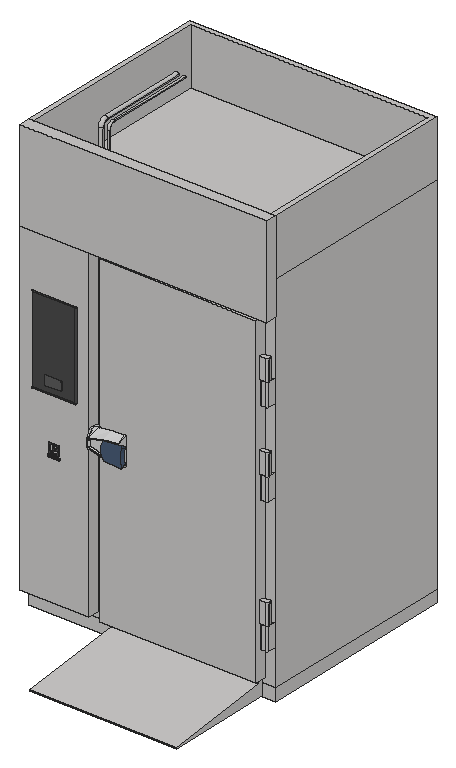
Revit family "QF_ELECTROLUXPROFESSIONAL_727747_EBFA22RFE", category Specialty Equipment, Revit 2018
Family settings
  Round Connector Dimension = Use Diameter
  Part Type = Normal
  Work Plane-Based = No
  Always vertical = Yes
  Cut with Voids When Loaded = No
  Shared = Yes
  Room Calculation Point = No
Parameters
  Weight = 0.00 kg
  Watts = 0 W
  Volts = 380 V
  URL Manufacturer = "http://professional.electrolux.com"
  URL = "http://professional.electrolux.com"
  Steam Supply Size = 0"
  Steam Supply Minimum Pressure = 0.00 psi
  Steam Supply Maximum Pressure = 0.00 psi
  Steam Pounds per Hour = 0
  Show Logo [instance] = yes
  Refrigeration Suction Line Size = 0"
  Refrigeration Liquid Line Size = 0"
  Refrigerant Compressor Remote = yes
  Phase = 3
  Model = "EBFA22RFE"
  Manufacturer = "Electrolux"
  Length Actual = 1400 mm  # constant formula
  Item Number = "727747"
  Hot Water Size = 0"
  Height Actual = 2340 mm  # constant formula
  HP = "8.6 HP"
  Gas Size = 0"
  Gas KW = 0
  Gas Input Pressure = 0.0 Btu/h
  Direct Waste Size = 3/4"
  Description = "SKYLINE CHILLS BLAST CHILLER FREEZER 200/170KG 20 GN 2/1 - ROLL-IN - INSULATED FLOOR - RAMP - REMOTE REFIGERATING UNIT"
  Depth Actual = 1266 mm  # constant formula
  Cycle = 60 Hz
  Condensate Return Size = 0"
  Compressed Air Volume = 0 GPM
  Compressed Air Size = 0"
  Compressed Air Pressure = 0.00 psi
  Cold Water Size = 0"
  Assembly Code = ""
  Show Clearance [instance] = yes
  Accessory = yes
Reference planes
  plane 1 "BACK": y = 1
  plane 2: z = 0
  plane 3 "LEFT": x = 0
  plane 4 "RIGHT": x = 1400
  plane 5 "FRONT": y = -1205
  plane 6 "TOP": z = 2470
  plane 7 "Center Y": x = 700
  plane 8 "Center X": y = -602
  plane 9: y = -2155
Forms (mm)
  Extrusion 1, solid, material "QF_Clearance", visible <- "Show Clearance", detail levels coarse
    sketch origin (0, 0, 0) x (1, 0, 0) y (0, 1, 0)
      loop
        line (0, -1205) -> (0, 1) -> (1400, 1) -> (1400, -1205) -> (1500, -1205) -> (1500, 101) -> (-100, 101) -> (-100, -1205) -> (0, -1205)
    from 0 to 2670
  Extrusion 2, solid, material "QF_Finishes_Stainless Steel"
    sketch origin (349.253, 33, 700.991) x (-1, 0, 0) y (0, -1, 0)
      loop
        line (349.253, 1172.759) -> (349.253, 1238) -> (-39.747, 1238) -> (-39.747, 1172.759) -> (349.253, 1172.759)
    from -597 to 1254
  Extrusion 3, solid, material "QF_Finishes_Stainless Steel"
    sketch origin (596.16, 27.971, 0) x (1, 0, 0) y (0, 1, 0)
      loop
        line (743.84, -1172.971) -> (-141.16, -1172.971) -> (-141.16, -1232.971) -> (743.84, -1232.971) -> (743.84, -1172.971)
    from 103.991 to 1945.25
  Extrusion 4, solid, material "QF_Door-Drawer Clearances", visible <- "Show Clearance", detail levels coarse
    sketch origin (875, -72.029, -21.802) x (-1, 0, 0) y (0, -1, 0)
      loop
        line (-465, 2025.971) -> (-465, 1132.971) -> (420, 1132.971)
        arc (420, 1132.971) -> (153.836, 1754.227) -> (-465, 2025.971) r 920
    from 125.793 to 1967.052
  Extrusion 5, solid, material "QF_Finishes_Stainless Steel"
    sketch origin (0, 0, 0) x (0, 1, 0) y (0, 0, 1)
      loop
        line (-1158.451, 70.453) -> (-1741.451, 1.966) -> (-1741.451, 0) -> (-1158.451, 0) -> (-1158.451, 70.453)
    from 485 to 1320
  Extrusion 6, solid, material "QF_Finishes_Stainless Steel"
    sketch origin (0, 0, 0) x (0, 1, 0) y (0, 0, 1)
      loop
        line (-1139, 70) -> (-1139, 0) -> (1, 0) -> (1, 70) -> (-1139, 70)
    from 0 to 1400
  Extrusion 7, solid, material "QF_Finishes_Stainless Steel"
    sketch origin (0, -1139.759, 70) x (0, 1, 0) y (-1, 0, 0)
      loop
        line (1140.759, 0) -> (0.759, 0) -> (0.759, -1400) -> (1140.759, -1400) -> (1140.759, 0)
    from 0 to 2080
  Extrusion 8, solid, material "QF_Finishes_Stainless Steel"
    sketch origin (0, 0, 0) x (0, 1, 0) y (0, 0, 1)
      loop
        line (-1139, 2470) -> (-1205, 2470) -> (-1205, 1956) -> (-1139, 1956) -> (-1139, 2470)
    from 0 to 1400
  Extrusion 9, solid, material "QF_Finishes_Stainless Steel"
    sketch origin (0, -1139.759, 2150) x (0, 1, 0) y (-1, 0, 0)
      loop
        line (1140.759, 0) -> (0.759, 0) -> (0.759, -27.807) -> (1112.952, -27.807) -> (1112.952, -1372.193) -> (0.759, -1372.193) -> (0.759, -1400) -> (1140.759, -1400) -> (1140.759, 0)
    from 0 to 320
  Extrusion 10, solid, material "QF_Finishes_Stainless Steel"
    sketch origin (0, 0, 0) x (0, 1, 0) y (0, 0, 1)
      loop
        line (-1139, 92) -> (-1158.451, 92) -> (-1158.451, 0) -> (-1139, 0) -> (-1139, 92)
    from 485 to 1320
  Extrusion 11, solid, material "QF_Clearance", visible <- "Show Clearance", detail levels coarse
    sketch origin (0, 0, 2470) x (-1, 0, 0) y (0, -1, 0)
      loop
        line (0, 1205) -> (-1400, 1205) -> (-1400, -1) -> (0, -1) -> (0, 1205)
    from 0 to 200
  Extrusion 12, solid, material "QF_Finishes_Stainless Steel"
    sketch origin (-390.239, -0.977, 1242.559) x (1, 0, 0) y (0, 1, 0)
      loop
        line (1730.239, -1159.557) -> (1730.239, -1186.759) -> (1771.078, -1186.759)
        arc (1771.078, -1186.759) -> (1778.149, -1183.83) -> (1781.078, -1176.759) r 10
        line (1781.078, -1176.759) -> (1781.078, -1169.557)
        arc (1781.078, -1169.557) -> (1778.149, -1162.486) -> (1771.078, -1159.557) r 10
        line (1771.078, -1159.557) -> (1730.239, -1159.557)
    from 398 to 516
  Extrusion 13, solid, material "QF_Finishes_Stainless Steel"
    sketch origin (-388.989, -0.977, 1242.559) x (1, 0, 0) y (0, 1, 0)
      loop
        line (1779.828, -1138.023) -> (1738.215, -1138.023) -> (1738.215, -1176.759)
        arc (1738.215, -1176.759) -> (1741.143, -1183.83) -> (1748.215, -1186.759) r 10
        line (1748.215, -1186.759) -> (1769.828, -1186.759)
        arc (1769.828, -1186.759) -> (1776.899, -1183.83) -> (1779.828, -1176.759) r 10
        line (1779.828, -1176.759) -> (1779.828, -1138.023)
    from 269 to 396
  Extrusion 14, solid, material "QF_Finishes_Handrails and Railings"
    sketch origin (0, -1205, -69.705) x (-1, 0, 0) y (0, 0, 1)
      loop
        arc (-455, 1022.346) -> (-433.392, 1027.289) -> (-413, 1035.976) r 124.815
        arc (-413, 1035.976) -> (-402.037, 1046.425) -> (-398, 1061.023) r 28.412
        line (-398, 1061.023) -> (-398, 1124.287)
        arc (-398, 1124.287) -> (-402.037, 1138.885) -> (-413, 1149.334) r 28.412
        arc (-413, 1149.334) -> (-433.392, 1158.021) -> (-455, 1162.964) r 124.815
        line (-455, 1162.964) -> (-455, 1022.346)
    from 0 to 25
  Extrusion 15, solid, material "QF_Finishes_Stainless Steel"
    sketch origin (0, 1, 0) x (1, 0, 0) y (0, 0, 1)
      loop
        circle (50.191, 2279.706) r 10
    from -2 to 0
  Extrusion 16, solid
    sketch origin (0, 0, 0) x (1, 0, 0) y (0, 1, 0)
      loop
        circle (271, -895) r 12.7
    from 180 to 190
  Sweep 17, solid, material "QF_Finishes_Stainless Steel"
    path in 3D
      loop
        line (196, -872.727, 2160) -> (196, -872.727, 2384.785)
        arc (196, -872.727, 2384.785) -> (196, -863.94, 2405.999) -> (196, -842.727, 2414.785) r 30
        line (196, -842.727, 2414.785) -> (196, -337, 2414.785)
    profile origin (196, -589.864, 2414.785) x (-1, 0, 0) y (0, 0, 1)
      loop
        circle (0, -0.785) r 11
  Sweep 18, solid, material "QF_Finishes_Stainless Steel"
    path in 3D
      loop
        line (239, -337, 2414) -> (239, -842.727, 2414)
        arc (239, -842.727, 2414) -> (239, -863.94, 2405.213) -> (239, -872.727, 2384) r 30
        line (239, -872.727, 2384) -> (239, -872.727, 2160)
    profile origin (239, -589.864, 2414) x (1, 0, 0) y (0, 0, 1)
      loop
        circle (0, 0) r 6
  Extrusion 19, solid, material "QF_Finishes_Stainless Steel"
    sketch origin (0, -1139.759, 2150) x (0, 1, 0) y (-1, 0, 0)
      loop
        line (272.791, -163.68) -> (262.791, -163.68)
        arc (262.791, -163.68) -> (252.185, -168.074) -> (247.791, -178.68) r 15
        line (247.791, -178.68) -> (247.791, -270.358)
        arc (247.791, -270.358) -> (252.185, -280.965) -> (262.791, -285.358) r 15
        line (262.791, -285.358) -> (272.791, -285.358)
        arc (272.791, -285.358) -> (283.398, -280.965) -> (287.791, -270.358) r 15
        line (287.791, -270.358) -> (287.791, -178.68)
        arc (287.791, -178.68) -> (283.398, -168.074) -> (272.791, -163.68) r 15
    from 0 to 10
  Blend 20, solid, material "QF_Finishes_Handrails and Railings"
    base sketch origin (0, -1205, -69.705) x (1, 0, 0) y (0, 0, 1)
      loop
        arc (455, 1162.964) -> (433.392, 1158.021) -> (413, 1149.334) r 124.815
        arc (413, 1149.334) -> (402.037, 1138.885) -> (398, 1124.287) r 28.412
        line (398, 1124.287) -> (398, 1061.023)
        arc (398, 1061.023) -> (402.037, 1046.425) -> (413, 1035.976) r 28.412
        arc (413, 1035.976) -> (433.392, 1027.289) -> (455, 1022.346) r 124.815
        arc (455, 1022.346) -> (524.77, 1014.896) -> (594.859, 1011.587) r 1185.63
        arc (594.859, 1011.587) -> (600.607, 1013.879) -> (603, 1019.586) r 8
        line (603, 1019.586) -> (603, 1165.724)
        arc (603, 1165.724) -> (600.607, 1171.431) -> (594.859, 1173.723) r 8
        arc (594.859, 1173.723) -> (524.77, 1170.414) -> (455, 1162.964) r 1185.63
    top sketch origin (0, -1205, -69.705) x (1, 0, 0) y (0, 0, 1)
      loop
        line (421, 1108.337) -> (421, 1076.973)
        arc (421, 1076.973) -> (423.295, 1069.915) -> (429.302, 1065.557) r 12
        arc (429.302, 1065.557) -> (515.086, 1044.22) -> (603, 1034.974) r 636.459
        line (603, 1034.974) -> (603, 1150.336)
        arc (603, 1150.336) -> (515.086, 1141.09) -> (429.302, 1119.753) r 636.459
        arc (429.302, 1119.753) -> (423.295, 1115.395) -> (421, 1108.337) r 12
    from 0 to 50
  Blend 21, void
    base sketch origin (0, -1255, -69.705) x (-1, 0, 0) y (0, 0, 1)
      loop
        arc (-430.843, 1114.996) -> (-515.866, 1136.151) -> (-603, 1145.333) r 631.459
        line (-603, 1145.333) -> (-603, 1039.977)
        arc (-603, 1039.977) -> (-515.866, 1049.159) -> (-430.843, 1070.314) r 631.459
        arc (-430.843, 1070.314) -> (-427.339, 1072.856) -> (-426, 1076.973) r 7
        line (-426, 1076.973) -> (-426, 1108.337)
        arc (-426, 1108.337) -> (-427.339, 1112.454) -> (-430.843, 1114.996) r 7
    top sketch origin (0, -1255, -69.705) x (-1, 0, 0) y (0, 0, 1)
      loop
        arc (-432.384, 1110.24) -> (-516.647, 1131.211) -> (-603, 1140.33) r 626.459
        line (-603, 1140.33) -> (-603, 1044.98)
        arc (-603, 1044.98) -> (-516.647, 1054.099) -> (-432.384, 1075.07) r 626.459
        arc (-432.384, 1075.07) -> (-431.382, 1075.797) -> (-431, 1076.973) r 2
        line (-431, 1076.973) -> (-431, 1108.337)
        arc (-431, 1108.337) -> (-431.382, 1109.513) -> (-432.384, 1110.24) r 2
    from 0 to 10
  Blend 22, solid, material "QF_Finishes_Electrolux_Blue"
    base sketch origin (0, -1245, -69.705) x (1, 0, 0) y (0, 0, 1)
      loop
        arc (628.567, 1043.419) -> (622.014, 1092.655) -> (628.567, 1141.89) r 188.232
        arc (628.567, 1141.89) -> (627.358, 1147.991) -> (621.77, 1150.721) r 7
        arc (621.77, 1150.721) -> (572.304, 1148.509) -> (523.16, 1142.458) r 636.459
        arc (523.16, 1142.458) -> (507.711, 1092.655) -> (523.16, 1042.852) r 88
        arc (523.16, 1042.852) -> (572.304, 1036.801) -> (621.77, 1034.589) r 636.459
        arc (621.77, 1034.589) -> (627.358, 1037.319) -> (628.567, 1043.419) r 7
    top sketch origin (0, -1245, -69.705) x (1, 0, 0) y (0, 0, 1)
      loop
        arc (626.748, 1050.703) -> (622.014, 1092.655) -> (626.748, 1134.607) r 188.232
        arc (626.748, 1134.607) -> (625.775, 1138.85) -> (621.845, 1140.722) r 5
        arc (621.845, 1140.722) -> (569.023, 1138.185) -> (516.603, 1131.203) r 626.459
        arc (516.603, 1131.203) -> (507.711, 1092.655) -> (516.603, 1054.107) r 88
        arc (516.603, 1054.107) -> (569.023, 1047.124) -> (621.845, 1044.588) r 626.459
        arc (621.845, 1044.588) -> (625.775, 1046.46) -> (626.748, 1050.703) r 5
    from 20 to 0
  Extrusion 23, solid, material "QF_Finishes_Stainless Steel"
    sketch origin (-390.239, -0.977, 762.559) x (1, 0, 0) y (0, 1, 0)
      loop
        line (1730.239, -1159.557) -> (1730.239, -1186.759) -> (1771.078, -1186.759)
        arc (1771.078, -1186.759) -> (1778.149, -1183.83) -> (1781.078, -1176.759) r 10
        line (1781.078, -1176.759) -> (1781.078, -1169.557)
        arc (1781.078, -1169.557) -> (1778.149, -1162.486) -> (1771.078, -1159.557) r 10
        line (1771.078, -1159.557) -> (1730.239, -1159.557)
    from 398 to 516
  Extrusion 24, solid, material "QF_Finishes_Stainless Steel"
    sketch origin (-388.989, -0.977, 762.559) x (1, 0, 0) y (0, 1, 0)
      loop
        line (1779.828, -1138.023) -> (1738.215, -1138.023) -> (1738.215, -1176.759)
        arc (1738.215, -1176.759) -> (1741.143, -1183.83) -> (1748.215, -1186.759) r 10
        line (1748.215, -1186.759) -> (1769.828, -1186.759)
        arc (1769.828, -1186.759) -> (1776.899, -1183.83) -> (1779.828, -1176.759) r 10
        line (1779.828, -1176.759) -> (1779.828, -1138.023)
    from 269 to 396
  Extrusion 25, solid, material "QF_Finishes_Stainless Steel"
    sketch origin (-390.239, -0.977, 2.559) x (1, 0, 0) y (0, 1, 0)
      loop
        line (1730.239, -1159.557) -> (1730.239, -1186.759) -> (1771.078, -1186.759)
        arc (1771.078, -1186.759) -> (1778.149, -1183.83) -> (1781.078, -1176.759) r 10
        line (1781.078, -1176.759) -> (1781.078, -1169.557)
        arc (1781.078, -1169.557) -> (1778.149, -1162.486) -> (1771.078, -1159.557) r 10
        line (1771.078, -1159.557) -> (1730.239, -1159.557)
    from 398 to 516
  Extrusion 26, solid, material "QF_Finishes_Stainless Steel"
    sketch origin (-388.989, -0.977, 2.559) x (1, 0, 0) y (0, 1, 0)
      loop
        line (1779.828, -1138.023) -> (1738.215, -1138.023) -> (1738.215, -1176.759)
        arc (1738.215, -1176.759) -> (1741.143, -1183.83) -> (1748.215, -1186.759) r 10
        line (1748.215, -1186.759) -> (1769.828, -1186.759)
        arc (1769.828, -1186.759) -> (1776.899, -1183.83) -> (1779.828, -1176.759) r 10
        line (1779.828, -1176.759) -> (1779.828, -1138.023)
    from 269 to 396
  Extrusion 27, solid, material "QF_Door-Drawer Clearances", visible <- "Show Clearance", detail levels coarse
    sketch origin (167.029, -1956.84, 0) x (0, 1, 0) y (-1, 0, 0)
      loop
        line (751.84, -1172.971) -> (-141.16, -1172.971) -> (-141.16, -1232.971) -> (751.84, -1232.971) -> (751.84, -1172.971)
    from 103.991 to 1945.25
  Extrusion 28, solid, material "QF_Door-Drawer Clearances", visible <- "Show Clearance", detail levels coarse
    sketch origin (1400, -2553, -69.705) x (0, -1, 0) y (0, 0, 1)
      loop
        arc (-455, 1022.346) -> (-433.392, 1027.289) -> (-413, 1035.976) r 124.815
        arc (-413, 1035.976) -> (-402.037, 1046.425) -> (-398, 1061.023) r 28.412
        line (-398, 1061.023) -> (-398, 1124.287)
        arc (-398, 1124.287) -> (-402.037, 1138.885) -> (-413, 1149.334) r 28.412
        arc (-413, 1149.334) -> (-433.392, 1158.021) -> (-455, 1162.964) r 124.815
        line (-455, 1162.964) -> (-455, 1022.346)
    from 0 to 25
  Blend 29, solid, material "QF_Door-Drawer Clearances", visible <- "Show Clearance", detail levels coarse
    base sketch origin (1400, -2553, -69.705) x (0, 1, 0) y (0, 0, 1)
      loop
        arc (455, 1162.964) -> (433.392, 1158.021) -> (413, 1149.334) r 124.815
        arc (413, 1149.334) -> (402.037, 1138.885) -> (398, 1124.287) r 28.412
        line (398, 1124.287) -> (398, 1061.023)
        arc (398, 1061.023) -> (402.037, 1046.425) -> (413, 1035.976) r 28.412
        arc (413, 1035.976) -> (433.392, 1027.289) -> (455, 1022.346) r 124.815
        arc (455, 1022.346) -> (524.77, 1014.896) -> (594.859, 1011.587) r 1185.63
        arc (594.859, 1011.587) -> (600.607, 1013.879) -> (603, 1019.586) r 8
        line (603, 1019.586) -> (603, 1165.724)
        arc (603, 1165.724) -> (600.607, 1171.431) -> (594.859, 1173.723) r 8
        arc (594.859, 1173.723) -> (524.77, 1170.414) -> (455, 1162.964) r 1185.63
    top sketch origin (1400, -2553, -69.705) x (0, 1, 0) y (0, 0, 1)
      loop
        line (421, 1108.337) -> (421, 1076.973)
        arc (421, 1076.973) -> (423.295, 1069.915) -> (429.302, 1065.557) r 12
        arc (429.302, 1065.557) -> (515.086, 1044.22) -> (603, 1034.974) r 636.459
        line (603, 1034.974) -> (603, 1150.336)
        arc (603, 1150.336) -> (515.086, 1141.09) -> (429.302, 1119.753) r 636.459
        arc (429.302, 1119.753) -> (423.295, 1115.395) -> (421, 1108.337) r 12
    from 0 to 50
  Blend 30, void
    base sketch origin (1450, -2553, -69.705) x (0, -1, 0) y (0, 0, 1)
      loop
        arc (-430.843, 1114.996) -> (-515.866, 1136.151) -> (-603, 1145.333) r 631.459
        line (-603, 1145.333) -> (-603, 1039.977)
        arc (-603, 1039.977) -> (-515.866, 1049.159) -> (-430.843, 1070.314) r 631.459
        arc (-430.843, 1070.314) -> (-427.339, 1072.856) -> (-426, 1076.973) r 7
        line (-426, 1076.973) -> (-426, 1108.337)
        arc (-426, 1108.337) -> (-427.339, 1112.454) -> (-430.843, 1114.996) r 7
    top sketch origin (1450, -2553, -69.705) x (0, -1, 0) y (0, 0, 1)
      loop
        arc (-432.384, 1110.24) -> (-516.647, 1131.211) -> (-603, 1140.33) r 626.459
        line (-603, 1140.33) -> (-603, 1044.98)
        arc (-603, 1044.98) -> (-516.647, 1054.099) -> (-432.384, 1075.07) r 626.459
        arc (-432.384, 1075.07) -> (-431.382, 1075.797) -> (-431, 1076.973) r 2
        line (-431, 1076.973) -> (-431, 1108.337)
        arc (-431, 1108.337) -> (-431.382, 1109.513) -> (-432.384, 1110.24) r 2
    from 0 to 10
  Blend 31, solid, material "QF_Door-Drawer Clearances", visible <- "Show Clearance", detail levels coarse
    base sketch origin (1440, -2553, -69.705) x (0, 1, 0) y (0, 0, 1)
      loop
        arc (628.567, 1043.419) -> (622.014, 1092.655) -> (628.567, 1141.89) r 188.232
        arc (628.567, 1141.89) -> (627.358, 1147.991) -> (621.77, 1150.721) r 7
        arc (621.77, 1150.721) -> (572.304, 1148.509) -> (523.16, 1142.458) r 636.459
        arc (523.16, 1142.458) -> (507.711, 1092.655) -> (523.16, 1042.852) r 88
        arc (523.16, 1042.852) -> (572.304, 1036.801) -> (621.77, 1034.589) r 636.459
        arc (621.77, 1034.589) -> (627.358, 1037.319) -> (628.567, 1043.419) r 7
    top sketch origin (1440, -2553, -69.705) x (0, 1, 0) y (0, 0, 1)
      loop
        arc (626.748, 1050.703) -> (622.014, 1092.655) -> (626.748, 1134.607) r 188.232
        arc (626.748, 1134.607) -> (625.775, 1138.85) -> (621.845, 1140.722) r 5
        arc (621.845, 1140.722) -> (569.023, 1138.185) -> (516.603, 1131.203) r 626.459
        arc (516.603, 1131.203) -> (507.711, 1092.655) -> (516.603, 1054.107) r 88
        arc (516.603, 1054.107) -> (569.023, 1047.124) -> (621.845, 1044.588) r 626.459
        arc (621.845, 1044.588) -> (625.775, 1046.46) -> (626.748, 1050.703) r 5
    from 20 to -1
Cuts and joins
  joined: Extrusion 1, Extrusion 11
  joined: Extrusion 5, Extrusion 10
  Blend 21 cuts Extrusion 3
  joined: Extrusion 3, Extrusion 12, Extrusion 23, Extrusion 25
  Blend 21 cuts Extrusion 7
  joined: Extrusion 7, Extrusion 13, Sweep 17, Sweep 18, Extrusion 19, Extrusion 24, Extrusion 26
  Blend 21, Blend 30 cuts Extrusion 14
  Blend 21, Blend 30 cuts Blend 20
  joined: Extrusion 14, Blend 20
  Blend 30 cuts Extrusion 4
  Blend 30 cuts Blend 29
  joined: Extrusion 4, Extrusion 27, Extrusion 28, Blend 29, Blend 31
  joined: Extrusion 9, Extrusion 15
Lines and regions (mm)
  symbolic lines, style "QF-Clearances", visible <- "Show Clearance", detail levels coarse
    curve 1: line (-100, -1204.241, 70) -> (-100, 101, 70)
    curve 2: line (-100, 101, 70) -> (1500, 101, 70)
    curve 3: line (1500, 101, 70) -> (1500, -1204.241, 70)
  symbolic lines
    curve 4: line (1320, -1205, 70) -> (1320, -1741.451, 70)
    curve 5: line (1320, -1741.451, 70) -> (485, -1741.451, 70)
    curve 6: line (485, -1741.451, 70) -> (485, -1255, 70)
    curve 13: line (185, -336.968, 70) -> (207, -336.968, 70)
    curve 14: line (207, -336.968, 70) -> (207, -871.942, 70)
    curve 15: line (233, -872.727, 70) -> (233, -337, 70)
    curve 16: line (233, -337, 70) -> (245, -337, 70)
    curve 17: line (245, -337, 70) -> (245, -872.727, 70)
    curve 18: line (245, -851.968, 70) -> (270.358, -851.968, 70)
    curve 19: arc (285.358, -866.968, 70) -> (280.965, -856.361, 70) -> (270.358, -851.968, 70) r 15
    curve 20: line (285.358, -876.968, 70) -> (285.358, -866.968, 70)
    curve 21: arc (270.358, -891.968, 70) -> (280.965, -887.575, 70) -> (285.358, -876.968, 70) r 15
    curve 22: line (178.68, -891.968, 70) -> (270.358, -891.968, 70)
    curve 23: arc (163.68, -876.968, 70) -> (168.074, -887.575, 70) -> (178.68, -891.968, 70) r 15
    curve 24: line (163.68, -866.968, 70) -> (163.68, -876.968, 70)
    curve 25: arc (178.68, -851.968, 70) -> (168.074, -856.361, 70) -> (163.68, -866.968, 70) r 15
    curve 26: arc (207, -871.942, 70) -> (196, -882.942, 70) -> (185, -871.942, 70) r 11
    curve 27: arc (233, -872.727, 70) -> (239, -878.727, 70) -> (245, -872.727, 70) r 6
    curve 28: line (178.68, -851.968, 70) -> (185, -851.968, 70)
    curve 29: line (185, -336.968, 70) -> (185, -871.942, 70)
    curve 30: line (207, -851.968, 70) -> (233, -851.968, 70)
    curve 31: line (0, 1, 70) -> (1400, 1, 70)
    curve 32: line (0, -1205, 70) -> (0, 1, 70)
    curve 33: line (1400, -1205, 70) -> (0, -1205, 70)
    curve 34: line (1400, 1, 70) -> (1400, -1205, 70)
    curve 35: line (27.807, -26.807, 70) -> (1372.193, -26.807, 70)
    curve 36: line (27.807, -1139, 70) -> (27.807, -26.807, 70)
    curve 37: line (1400, -1139, 70) -> (0, -1139, 70)
    curve 38: line (1372.193, -26.807, 70) -> (1372.193, -1139, 70)
    curve 39: line (75.5, -1210, 70) -> (313.5, -1210, 70)
    curve 40: line (75.5, -1210, 70) -> (67.5, -1205, 70)
    curve 41: line (313.5, -1210, 70) -> (321.5, -1205, 70)
    curve 42: line (421, -1255, 70) -> (398, -1205, 70)
    curve 43: line (421, -1255, 70) -> (603, -1255, 70)
    curve 44: line (603, -1255, 70) -> (603, -1205, 70)
    curve 45: line (603, -1245, 70) -> (626.748, -1245, 70)
    curve 46: line (626.748, -1245, 70) -> (628.811, -1265, 70)
    curve 47: line (628.811, -1265, 70) -> (507.711, -1265, 70)
    curve 48: line (507.711, -1265, 70) -> (507.711, -1255, 70)
  sketch lines
    curve 7: line (196, -842.727, 2414.785) -> (196, -337, 2414.785)
    curve 8: arc (196, -872.727, 2384.785) -> (196, -863.94, 2405.999) -> (196, -842.727, 2414.785) r 30
    curve 9: line (196, -872.727, 2160) -> (196, -872.727, 2384.785)
    curve 10: line (239, -337, 2414) -> (239, -842.727, 2414)
    curve 11: arc (239, -842.727, 2414) -> (239, -863.94, 2405.213) -> (239, -872.727, 2384) r 30
    curve 12: line (239, -872.727, 2384) -> (239, -872.727, 2160)
  symbolic lines, style "QF_Door-Drawer Clearances", visible <- "Show Clearance"
    curve 49: line (1450, -2132, 70) -> (1400, -2155, 70)
    curve 50: line (1450, -2132, 70) -> (1450, -1950, 70)
    curve 51: line (1450, -1950, 70) -> (1400, -1950, 70)
    curve 52: line (1439, -1950, 70) -> (1439, -1926.126, 70)
    curve 53: line (1439, -1926.126, 70) -> (1460, -1924.189, 70)
    curve 54: line (1460, -1924.189, 70) -> (1460, -2045.289, 70)
    curve 55: line (1460, -2045.289, 70) -> (1450, -2045.289, 70)
    curve 56: line (1375, -2098, 70) -> (1375, -2155, 70)
    curve 57: line (1340, -2098, 70) -> (1400, -2098, 70)
    curve 58: arc (457.796, -1255, 70) -> (739.031, -1843.801, 70) -> (1340, -2098, 70) r 920
    curve 59: line (1400, -2155, 70) -> (1375, -2155, 70)
    curve 60: line (1400, -2098, 70) -> (1400, -1205, 70)
    curve 61: line (1340, -2098, 70) -> (1340, -1205, 70)
Dimensions and locks
  plane 5 "FRONT" to plane 1 "BACK" = 1206 mm
  plane 6 "TOP" to level = 2470 mm
  plane 4 "RIGHT" to plane 3 "LEFT" = 1400 mm
  plane 3 "LEFT" to plane 4 "RIGHT" = 1400 mm
  equal spacing: plane 3 "LEFT", plane 7 "Center Y", plane 4 "RIGHT"
  equal spacing: plane 1 "BACK", plane 8 "Center X", plane 5 "FRONT"
  Extrusion 5 sketch curve to Extrusion 5 sketch curve = 583 mm
  Extrusion 4 sketch curve to plane 1 "BACK" = 2099 mm
  Extrusion 16 sketch curve to plane 1 "BACK" = 896 mm
  plane 3 "LEFT" to Extrusion 16 sketch curve = 271 mm
  angle Extrusion 5 sketch curve to Extrusion 5 sketch curve = 6.70°
  aligned and locked: level to plane 2
Automatic sketch dimensions
  plane 5 "FRONT" to Extrusion 1 sketch curve = 0 mm  (x2)
  Extrusion 1 sketch curve to plane 3 "LEFT" = 0 mm
  plane 1 "BACK" to Extrusion 1 sketch curve = 0 mm
  Extrusion 1 sketch curve to plane 4 "RIGHT" = 0 mm
  Extrusion 1 sketch curve to plane 3 "LEFT" = 100 mm
  plane 4 "RIGHT" to Extrusion 1 sketch curve = 100 mm
  Extrusion 1 sketch curve to plane 1 "BACK" = 100 mm
  plane 5 "FRONT" to Extrusion 2 sketch curve = 0 mm
  Extrusion 2 sketch curve to plane 3 "LEFT" = 0 mm
  Extrusion 2 sketch curve to plane 5 "FRONT" = 65.241 mm
  plane 5 "FRONT" to Extrusion 3 sketch curve = 0 mm
  Extrusion 3 sketch curve to plane 5 "FRONT" = 60 mm
  Extrusion 3 sketch curve to plane 4 "RIGHT" = 60 mm
  Extrusion 5 sketch curve to level = 0 mm
  level to Extrusion 5 sketch curve = 1.966 mm
  Extrusion 5 sketch curve to plane 9 = 413.549 mm
  Extrusion 6 sketch curve to level = 0 mm
  Extrusion 6 sketch curve to plane 1 "BACK" = 0 mm
  Extrusion 6 sketch curve to plane 5 "FRONT" = 66 mm
  Extrusion 6 sketch curve to Extrusion 6 sketch curve = 70 mm
  Extrusion 7 sketch curve to Extrusion 6 = 0 mm  (x3)
  Extrusion 6 to Extrusion 7 sketch curve = 0 mm
  Extrusion 8 sketch curve to plane 5 "FRONT" = 0 mm
  Extrusion 8 sketch curve to plane 6 "TOP" = 0 mm
  Extrusion 8 sketch curve to plane 5 "FRONT" = 66 mm
  Extrusion 8 sketch curve to Extrusion 8 sketch curve = 514 mm
  Extrusion 7 to Extrusion 9 sketch curve = 0 mm
  Extrusion 9 sketch curve to Extrusion 7 = 0 mm  (x4)
  Extrusion 9 sketch curve to Extrusion 7 = 27.807 mm  (x3)
  Extrusion 10 sketch curve to level = 0 mm
  Extrusion 10 sketch curve to plane 5 "FRONT" = 46.549 mm
  Extrusion 10 sketch curve to Extrusion 10 sketch curve = 19.451 mm
  Extrusion 10 sketch curve to Extrusion 10 sketch curve = 92 mm
  Extrusion 11 sketch curve to plane 4 "RIGHT" = 0 mm
  plane 1 "BACK" to Extrusion 11 sketch curve = 0 mm
  Extrusion 11 sketch curve to plane 3 "LEFT" = 0 mm
  plane 5 "FRONT" to Extrusion 11 sketch curve = 0 mm
  Extrusion 12 sketch curve to plane 5 "FRONT" = 17.264 mm
  Extrusion 12 sketch curve to plane 4 "RIGHT" = 60 mm
  Extrusion 12 sketch curve to plane 4 "RIGHT" = 19.161 mm
  Extrusion 12 sketch curve to Extrusion 12 sketch curve = 0 mm
  Extrusion 12 sketch curve to plane 4 "RIGHT" = 9.161 mm
  Extrusion 12 sketch curve to Extrusion 12 sketch curve = 7.202 mm
  Extrusion 13 sketch curve to plane 5 "FRONT" = 27.264 mm
  Extrusion 13 sketch curve to plane 4 "RIGHT" = 50.775 mm
  Extrusion 13 sketch curve to Extrusion 13 sketch curve = 10 mm
  Extrusion 13 sketch curve to plane 4 "RIGHT" = 19.161 mm
  Extrusion 13 sketch curve to plane 4 "RIGHT" = 9.161 mm
  Extrusion 13 sketch curve to Extrusion 13 sketch curve = 38.736 mm
  plane 7 "Center Y" to Extrusion 14 sketch curve = 228.081 mm
  Extrusion 14 sketch curve to Extrusion 14 sketch curve = 0 mm
  Extrusion 14 sketch curve to Extrusion 14 sketch curve = 16.919 mm
  Extrusion 14 sketch curve to Extrusion 14 sketch curve = 28.588 mm  (x2)
  Extrusion 14 sketch curve to Extrusion 14 sketch curve = 28.412 mm
  level to Extrusion 14 sketch curve = 952.641 mm
  Extrusion 14 sketch curve to Extrusion 14 sketch curve = 16.954 mm  (x2)
  Extrusion 14 sketch curve to Extrusion 14 sketch curve = 38.676 mm
  Extrusion 14 sketch curve to Extrusion 14 sketch curve = 63.265 mm
  Extrusion 14 sketch curve to Extrusion 14 sketch curve = 21.722 mm
  Sweep 17 sketch curve to profile plane = 0 mm
  Sweep 17 sketch curve to profile plane = 0.785 mm
  profile plane to Sweep 18 sketch curve = 0 mm
  Sweep 18 sketch curve to profile plane = 0 mm
  Extrusion 19 sketch curve to Extrusion 7 = 247.032 mm
  Extrusion 19 sketch curve to Extrusion 19 sketch curve = 15 mm  (x3)
  Extrusion 19 sketch curve to Extrusion 19 sketch curve = 10 mm  (x2)
  Extrusion 19 sketch curve to Extrusion 7 = 285.358 mm
  Extrusion 19 sketch curve to Extrusion 19 sketch curve = 91.678 mm
  Blend 20 sketch curve to Extrusion 14 = 0 mm  (x4)
  Blend 20 sketch curve to Extrusion 14 = 28.412 mm
  Blend 20 sketch curve to Blend 20 sketch curve = 123.081 mm  (x2)
  Blend 20 sketch curve to Blend 20 sketch curve = 8 mm
  Extrusion 14 to Blend 20 sketch curve = 160.712 mm  (x2)
  Blend 20 sketch curve to Blend 20 sketch curve = 19.715 mm  (x2)
  Blend 20 sketch curve to Blend 20 sketch curve = 38.676 mm
  Blend 20 sketch curve to Extrusion 14 = 23 mm
  Blend 20 sketch curve to Blend 20 sketch curve = 12 mm  (x2)
  Extrusion 14 to Blend 20 sketch curve = 148 mm
  Extrusion 14 to Blend 20 sketch curve = 170.45 mm  (x2)
  Blend 20 sketch curve to Blend 20 sketch curve = 520.701 mm  (x2)
  Blend 20 sketch curve to Blend 20 sketch curve = 41.999 mm
  Blend 20 sketch curve to Blend 20 sketch curve = 31.364 mm
  Blend 20 sketch curve to Blend 20 sketch curve = 115.362 mm
  Blend 20 to Blend 21 sketch curve = 0 mm  (x2)
  Blend 21 sketch curve to Blend 21 sketch curve = 7 mm
  Blend 21 sketch curve to Blend 21 sketch curve = 31.364 mm  (x2)
  Blend 21 sketch curve to Blend 21 sketch curve = 2 mm
  Blend 21 to Blend 22 sketch curve = 18.811 mm  (x2)
  Blend 22 sketch curve to Blend 21 = 7.289 mm  (x2)
  Blend 22 sketch curve to Blend 22 sketch curve = 188.435 mm
  Blend 22 sketch curve to Blend 22 sketch curve = 7 mm  (x2)
  Blend 22 sketch curve to Blend 22 sketch curve = 51.066 mm  (x2)
  Blend 22 sketch curve to Blend 22 sketch curve = 0 mm  (x6)
  Blend 22 sketch curve to Blend 21 = 79.84 mm
  Blend 21 to Blend 22 sketch curve = 18.874 mm  (x2)
  Blend 22 sketch curve to Blend 22 sketch curve = 188.371 mm
  Blend 22 sketch curve to Blend 22 sketch curve = 5 mm  (x2)
  Blend 22 sketch curve to Blend 22 sketch curve = 43.067 mm  (x2)
  Blend 22 sketch curve to Blend 21 = 85.603 mm
  Extrusion 23 sketch curve to plane 5 "FRONT" = 17.264 mm
  Extrusion 23 sketch curve to plane 4 "RIGHT" = 60 mm
  Extrusion 23 sketch curve to plane 4 "RIGHT" = 19.161 mm
  Extrusion 23 sketch curve to Extrusion 23 sketch curve = 0 mm
  Extrusion 23 sketch curve to plane 4 "RIGHT" = 9.161 mm
  Extrusion 23 sketch curve to Extrusion 23 sketch curve = 7.202 mm
  Extrusion 24 sketch curve to plane 5 "FRONT" = 27.264 mm
  Extrusion 24 sketch curve to plane 4 "RIGHT" = 50.775 mm
  Extrusion 24 sketch curve to Extrusion 24 sketch curve = 10 mm
  Extrusion 24 sketch curve to plane 4 "RIGHT" = 19.161 mm
  Extrusion 24 sketch curve to plane 4 "RIGHT" = 9.161 mm
  Extrusion 24 sketch curve to Extrusion 24 sketch curve = 38.736 mm
  Extrusion 25 sketch curve to plane 5 "FRONT" = 17.264 mm
  Extrusion 25 sketch curve to plane 4 "RIGHT" = 60 mm
  Extrusion 25 sketch curve to plane 4 "RIGHT" = 19.161 mm
  Extrusion 25 sketch curve to Extrusion 25 sketch curve = 0 mm
  Extrusion 25 sketch curve to plane 4 "RIGHT" = 9.161 mm
  Extrusion 25 sketch curve to Extrusion 25 sketch curve = 7.202 mm
  Extrusion 26 sketch curve to plane 5 "FRONT" = 27.264 mm
  Extrusion 26 sketch curve to plane 4 "RIGHT" = 50.775 mm
  Extrusion 26 sketch curve to Extrusion 26 sketch curve = 10 mm
  Extrusion 26 sketch curve to plane 4 "RIGHT" = 19.161 mm
  Extrusion 26 sketch curve to plane 4 "RIGHT" = 9.161 mm
  Extrusion 26 sketch curve to Extrusion 26 sketch curve = 38.736 mm
  Extrusion 27 sketch curve to plane 9 = 57 mm
  plane 5 "FRONT" to Extrusion 27 sketch curve = 0 mm
  Extrusion 27 sketch curve to plane 7 "Center Y" = 700 mm
  Extrusion 27 sketch curve to Extrusion 27 sketch curve = 60 mm
  Extrusion 28 sketch curve to plane 9 = 73.919 mm
  Extrusion 28 sketch curve to Extrusion 28 sketch curve = 0 mm
  Extrusion 28 sketch curve to Extrusion 28 sketch curve = 16.919 mm
  Extrusion 28 sketch curve to Extrusion 28 sketch curve = 28.588 mm  (x2)
  Extrusion 28 sketch curve to Extrusion 28 sketch curve = 28.412 mm
  level to Extrusion 28 sketch curve = 952.641 mm
  Extrusion 28 sketch curve to Extrusion 28 sketch curve = 16.954 mm  (x2)
  Extrusion 28 sketch curve to Extrusion 28 sketch curve = 38.676 mm
  Extrusion 28 sketch curve to Extrusion 28 sketch curve = 63.265 mm
  Extrusion 28 sketch curve to Extrusion 28 sketch curve = 21.722 mm
  Blend 29 sketch curve to Extrusion 28 = 0 mm  (x4)
  Blend 29 sketch curve to Extrusion 28 = 28.412 mm
  Blend 29 sketch curve to Blend 29 sketch curve = 123.081 mm  (x2)
  Blend 29 sketch curve to Blend 29 sketch curve = 8 mm
  Extrusion 28 to Blend 29 sketch curve = 160.712 mm  (x2)
  Blend 29 sketch curve to Blend 29 sketch curve = 19.715 mm  (x2)
  Blend 29 sketch curve to Blend 29 sketch curve = 38.676 mm
  Blend 29 sketch curve to Extrusion 28 = 23 mm
  Blend 29 sketch curve to Blend 29 sketch curve = 12 mm  (x2)
  Extrusion 28 to Blend 29 sketch curve = 148 mm
  Extrusion 28 to Blend 29 sketch curve = 170.45 mm  (x2)
  Blend 29 sketch curve to Blend 29 sketch curve = 520.701 mm  (x2)
  Blend 29 sketch curve to Blend 29 sketch curve = 41.999 mm
  Blend 29 sketch curve to Blend 29 sketch curve = 31.364 mm
  Blend 29 sketch curve to Blend 29 sketch curve = 115.362 mm
  Blend 30 sketch curve to Blend 29 = 0 mm  (x2)
  Blend 30 sketch curve to Blend 30 sketch curve = 7 mm
  Blend 30 sketch curve to Blend 30 sketch curve = 31.364 mm  (x2)
  Blend 30 sketch curve to Blend 30 sketch curve = 2 mm
  Blend 30 to Blend 31 sketch curve = 18.811 mm  (x2)
  Blend 31 sketch curve to Blend 30 = 7.289 mm  (x2)
  Blend 31 sketch curve to Blend 31 sketch curve = 188.435 mm
  Blend 31 sketch curve to Blend 31 sketch curve = 7 mm  (x2)
  Blend 31 sketch curve to Blend 31 sketch curve = 51.066 mm  (x2)
  Blend 31 sketch curve to Blend 31 sketch curve = 0 mm  (x6)
  Blend 31 sketch curve to Blend 30 = 79.84 mm
  Blend 30 to Blend 31 sketch curve = 18.874 mm  (x2)
  Blend 31 sketch curve to Blend 31 sketch curve = 188.371 mm
  Blend 31 sketch curve to Blend 31 sketch curve = 5 mm  (x2)
  Blend 31 sketch curve to Blend 31 sketch curve = 43.067 mm  (x2)
  Blend 31 sketch curve to Blend 30 = 85.603 mm
  plane 5 "FRONT" to Extrusion 4 sketch curve = 0 mm
  Extrusion 4 sketch curve to plane 4 "RIGHT" = 60 mm
  Extrusion 4 sketch curve to Extrusion 4 sketch curve = 34.623 mm
  Extrusion 4 sketch curve to plane 5 "FRONT" = 26.348 mm
  plane 3 "LEFT" to Extrusion 15 sketch curve = 50.191 mm
  Extrusion 15 sketch curve to plane 6 "TOP" = 190.294 mm
  plane 7 "Center Y" to Extrusion 2 sketch curve = 311 mm
  plane 7 "Center Y" to Extrusion 3 sketch curve = 245 mm
  curve 49 to Extrusion 6 = 0 mm
  curve 51 to Extrusion 6 = 0 mm
  curve 33 to Extrusion 6 = 0 mm
  curve 31 to Extrusion 6 = 0 mm
  Extrusion 6 to curve 36 = 27.807 mm  (x2)
  Extrusion 6 to curve 13 = 337.968 mm
  curve 15 to curve 13 = 0.032 mm
  curve 28 to Extrusion 6 = 287.032 mm
  curve 28 to curve 18 = 0 mm
  curve 19 to curve 18 = 15 mm
  curve 25 to curve 25 = 15 mm
  curve 29 to curve 25 = 4.974 mm
  curve 17 to curve 18 = 20.759 mm
  curve 24 to curve 25 = 10 mm
  curve 21 to curve 19 = 10 mm
  curve 22 to curve 21 = 15 mm
  Extrusion 6 to curve 58 = 39.652 mm
  Extrusion 6 to curve 32 = 66 mm
  curve 41 to curve 41 = 5 mm
  curve 46 to curve 44 = 40 mm
  curve 42 to curve 42 = 50 mm
  curve 46 to curve 45 = 20 mm
  Extrusion 6 to curve 4 = 80 mm
  curve 4 to curve 4 = 536.451 mm
  curve 53 to Extrusion 6 = 60 mm
  curve 53 to curve 4 = 182.738 mm
  curve 53 to Extrusion 6 = 39 mm
  curve 53 to curve 53 = 1.937 mm
  curve 51 to curve 52 = 23.874 mm
  curve 55 to curve 50 = 95.289 mm
  Extrusion 6 to curve 57 = 60 mm
  curve 57 to curve 55 = 52.711 mm
  curve 50 to curve 57 = 34 mm
  Extrusion 6 to curve 56 = 25 mm
  curve 56 to curve 56 = 57 mm
  curve 2 to Extrusion 6 = 100 mm  (x2)
  curve 50 to curve 52 = 11 mm
  Extrusion 6 to curve 58 = 25.377 mm
  Extrusion 6 to curve 38 = 27.807 mm
  curve 47 to curve 58 = 171.015 mm
  curve 46 to curve 45 = 2.062 mm
  curve 45 to curve 44 = 23.748 mm
  curve 48 to curve 58 = 49.915 mm
  curve 47 to curve 6 = 22.711 mm
  curve 58 to curve 43 = 36.796 mm
  curve 42 to curve 41 = 107.5 mm
  Extrusion 6 to curve 20 = 285.358 mm
  curve 21 to curve 17 = 25.358 mm
  curve 17 to curve 27 = 6 mm
  curve 15 to curve 13 = 26 mm
  curve 14 to curve 26 = 11 mm
  curve 28 to curve 28 = 6.32 mm
  Extrusion 6 to curve 40 = 75.5 mm
  curve 1 to Extrusion 6 = 100 mm
  curve 30 to curve 18 = 0 mm
  Extrusion 6 to curve 36 = 0 mm
  Extrusion 6 to curve 1 = 65.241 mm
  Extrusion 6 to curve 3 = 65.241 mm
  curve 42 to curve 42 = 23 mm
  curve 41 to curve 39 = 8 mm
  curve 39 to curve 40 = 8 mm
  radius of Extrusion 16 sketch curve = 12.7 mm
  radius of Sweep 17 sketch curve = 11 mm
  radius of Sweep 18 sketch curve = 6 mm
  radius of Blend 20 sketch curve to Extrusion 14 = 0 mm  (x3)
  radius of Blend 21 sketch curve to Blend 20 = 5 mm  (x3)
  radius of Blend 21 sketch curve to Blend 20 = 10 mm  (x3)
  radius of Blend 21 to Blend 22 sketch curve = 10 mm  (x2)
  radius of Blend 22 sketch curve to Blend 21 = 0 mm  (x2)
  radius of Blend 29 sketch curve to Extrusion 28 = 0 mm  (x3)
  radius of Blend 30 sketch curve to Blend 29 = 5 mm  (x3)
  radius of Blend 30 sketch curve to Blend 29 = 10 mm  (x3)
  radius of Blend 30 to Blend 31 sketch curve = 10 mm  (x2)
  radius of Blend 31 sketch curve to Blend 30 = 0 mm  (x2)
  radius of Extrusion 15 sketch curve = 10 mm
Nested families
  nested 1: "ELX_Touch" at (194.5, -1205, 1408.103) x (1, 0, 0) z (0, -1, 0), type "ELX_Touch"
  nested 2: "ELX_Logo_S_New" at (194.5, -1205, 849.103) x (1, 0, 0) z (0, -1, 0), visible <- "Show Logo", type "ELX_Logo_S_New"
    with M QF_Finishes_Black
  nested 3: "ELX_Logo_Symbol" at (194.5, -1205, 889.103) x (1, 0, 0) z (0, -1, 0), visible <- "Show Logo", type "ELX_Logo_Symbol"
    with M QF_Finishes_Black
Connectors
  piping at (271, -895, 180), diameter 25.4
    settings: on Extrusion 16, index 1, connector inside diameter 24", connector length 0 mm, flow factor 0, pipe flow 0 GPM, pressure drop 0.00 psi, fitting loss kfactor 0, connector angle 0.00°, fixture units 0, engagement length 0 mm, angle of deflection 0.00°, flow configuration 1, flow direction 1, fitting loss method 0, system type 16, joint type 0, gender type 0, connector reference index -1, connector utility 0, adjustable connector no, is connector primary yes, connector description "Drain"
  electrical at (50.191, 3, 2279.706), driven by "Volts"
    settings: on Extrusion 15, index 2, voltage 380 V, apparent load 0 VA, apparent load phase1 0 VA, apparent load phase2 0 VA, apparent load phase3 0 VA, power factor 1, load classification "Altro", number of poles 1, system type 30, power factor state 1, is connector primary yes, connector utility no, sub classification motor no, connector description "Electrical Connection"
  piping at (239, -337, 2414), diameter 12
    settings: on Sweep 18, index 3, connector inside diameter 24", connector length 0 mm, flow factor 0, pipe flow 0 GPM, pressure drop 0.00 psi, fitting loss kfactor 0, connector angle 0.00°, fixture units 0, engagement length 0 mm, angle of deflection 0.00°, flow configuration 1, flow direction 1, fitting loss method 0, system type 8, joint type 0, gender type 0, connector reference index -1, connector utility 0, adjustable connector no, is connector primary no, connector description "Refrigerant Outlet"
  piping at (196, -337, 2414), diameter 22
    settings: on Sweep 17, index 4, connector inside diameter 24", connector length 0 mm, flow factor 0, pipe flow 0 GPM, pressure drop 0.00 psi, fitting loss kfactor 0, connector angle 0.00°, fixture units 0, engagement length 0 mm, angle of deflection 0.00°, flow configuration 1, flow direction 1, fitting loss method 0, system type 7, joint type 0, gender type 0, connector reference index -1, connector utility 0, adjustable connector no, is connector primary no, connector description "Refrigerant Inlet"
Definition of nested family "ELX_Touch"
  Parameters
    Default Elevation = 1219.2 mm
  Reference planes
    plane 1 "Centro (Fronte/Retro)": y = 0
    plane 2: z = 0
    plane 3 "Centro (Sinistra/Destra)": x = 0
  Forms (mm)
    Extrusion 1, solid
      sketch origin (0, 0, 0) x (1, 0, 0) y (0, 1, 0)
        loop
          line (-1219.2, 1219.2) -> (-1219.2, -1219.2) -> (1219.2, -1219.2) -> (1219.2, 1219.2) -> (-1219.2, 1219.2)
      from 0 to -304.8
    Extrusion 2, solid
      sketch origin (0, 0, 5) x (1, 0, 0) y (0, 1, 0)
        loop
          line (-47, -160) -> (-47, -202)
          arc (-47, -202) -> (-45.536, -205.535) -> (-42, -207) r 5
          line (-42, -207) -> (42, -207)
          arc (42, -207) -> (45.536, -205.535) -> (47, -202) r 5
          line (47, -202) -> (47, -160)
          arc (47, -160) -> (45.536, -156.465) -> (42, -155) r 5
          line (42, -155) -> (-42, -155)
          arc (-42, -155) -> (-45.536, -156.465) -> (-47, -160) r 5
      from 0 to 2
    Blend 3, solid
      base sketch origin (0, 0, 0) x (1, 0, 0) y (0, 1, 0)
        loop
          line (-127, 244) -> (-127, -244)
          arc (-127, -244) -> (-125.536, -247.536) -> (-122, -249) r 5
          line (-122, -249) -> (122, -249)
          arc (122, -249) -> (125.536, -247.536) -> (127, -244) r 5
          line (127, -244) -> (127, 244)
          arc (127, 244) -> (125.536, 247.536) -> (122, 249) r 5
          line (122, 249) -> (-122, 249)
          arc (-122, 249) -> (-125.536, 247.536) -> (-127, 244) r 5
      top sketch origin (0, 0, 0) x (1, 0, 0) y (0, 1, 0)
        loop
          line (-119, -241) -> (119, -241) -> (119, 241) -> (-119, 241) -> (-119, -241)
      from 0 to 5
  Lines and regions (mm)
    Split face 1
      outline origin (0, 0, 5) x (1, 0, 0) y (0, 1, 0)
        loop
          line (-70.506, 46.167) -> (70.506, 46.167) -> (70.506, 214.829) -> (-70.506, 214.829) -> (-70.506, 46.167)
    Split face 2
      outline origin (0, 0, 5) x (1, 0, 0) y (0, 1, 0)
        loop
          line (-47.467, 50.825) -> (47.467, 50.825) -> (47.467, 210.171) -> (-47.467, 210.171) -> (-47.467, 50.825)
    Split face 3
      outline origin (0, 0, 5) x (1, 0, 0) y (0, 1, 0)
        loop
          line (-70.521, -215.33) -> (70.521, -215.33) -> (70.521, -146.67) -> (-70.521, -146.67) -> (-70.521, -215.33)
    Split face 4
      outline origin (0, 0, 5) x (1, 0, 0) y (0, 1, 0)
        loop
          line (-119, 201.163) -> (-70.506, 201.163)
        loop
          line (70.506, 201.163) -> (119, 201.163)
        loop
          line (70.521, -200.849) -> (119, -200.849)
        loop
          line (-119, -200.849) -> (-70.521, -200.849)
  Dimensions and locks
    aligned and locked: plane 2 to Extrusion 1
    aligned and locked: level to Extrusion 1
Definition of nested family "ELX_Logo_S_New"
  Parameters
    Default Elevation = 0 mm
    M [instance] = none
  Reference planes
    plane 1 "Centro (Fronte/Retro)": y = 0
    plane 2: z = 0
    plane 3 "Centro (Sinistra/Destra)": x = 0
  Forms (mm)
    Extrusion 1, solid
      sketch origin (0, 0, 0) x (1, 0, 0) y (0, 1, 0)
        loop
          line (-1219.2, 1219.2) -> (-1219.2, -1219.2) -> (1219.2, -1219.2) -> (1219.2, 1219.2) -> (-1219.2, 1219.2)
      from 0 to -304.8
    Extrusion 2, solid, material <- "M"
      sketch origin (0, 0, 0) x (1, 0, 0) y (0, 1, 0)
        loop
          spline (-32.537, -4.135) -> (-32.702, -4.128) -> (-32.877, -4.105) -> (-33.059, -4.064) -> (-33.242, -4.002) -> (-33.422, -3.916) -> (-33.593, -3.803) -> (-33.751, -3.66) -> (-33.891, -3.486) -> (-34.008, -3.276) -> (-34.098, -3.029) -> (-34.155, -2.741) -> (-34.176, -2.41)
          line (-34.176, -2.41) -> (-34.176, -0.943) -> (-29.331, -0.943) -> (-29.331, 0.928) -> (-34.176, 0.928) -> (-34.176, 3.652) -> (-29.023, 3.652) -> (-29.023, 5.518) -> (-36.159, 5.518) -> (-36.159, -2.326)
          spline (-36.159, -2.326) -> (-36.142, -2.808) -> (-36.088, -3.263) -> (-35.996, -3.688) -> (-35.867, -4.083) -> (-35.698, -4.445) -> (-35.489, -4.773) -> (-35.239, -5.066) -> (-34.946, -5.322) -> (-34.61, -5.539) -> (-34.23, -5.716) -> (-33.804, -5.851) -> (-33.332, -5.943)
          line (-33.332, -5.943) -> (-32.554, -5.999) -> (-28.885, -5.999) -> (-28.885, -4.135) -> (-32.537, -4.135)
        loop
          line (-27.476, 0.076) -> (-27.476, -6.002) -> (-25.492, -6.002) -> (-25.492, 5.521) -> (-27.476, 5.521) -> (-27.476, 0.076)
        loop
          spline (-15.702, -2.321) -> (-15.689, -1.697) -> (-15.749, -1.094) -> (-15.879, -0.516) -> (-16.078, 0.029) -> (-16.341, 0.538) -> (-16.668, 1.004) -> (-17.055, 1.422) -> (-17.5, 1.786) -> (-17.999, 2.091) -> (-18.552, 2.331) -> (-19.154, 2.5) -> (-19.804, 2.594)
          spline (-19.804, 2.594) -> (-20.422, 2.558) -> (-21.009, 2.453) -> (-21.56, 2.28) -> (-22.072, 2.042) -> (-22.54, 1.743) -> (-22.96, 1.385) -> (-23.327, 0.97) -> (-23.638, 0.502) -> (-23.887, -0.018) -> (-24.07, -0.586) -> (-24.183, -1.2) -> (-24.222, -1.857)
          spline (-24.222, -1.857) -> (-24.184, -2.498) -> (-24.074, -3.097) -> (-23.895, -3.652) -> (-23.651, -4.16) -> (-23.344, -4.618) -> (-22.979, -5.023) -> (-22.559, -5.374) -> (-22.087, -5.667) -> (-21.567, -5.899) -> (-21.003, -6.068) -> (-20.397, -6.172) -> (-19.754, -6.207)
          spline (-19.754, -6.207) -> (-19.44, -6.2) -> (-19.13, -6.176) -> (-18.823, -6.135) -> (-18.52, -6.074) -> (-18.221, -5.993) -> (-17.925, -5.89) -> (-17.634, -5.762) -> (-17.346, -5.609) -> (-17.062, -5.43) -> (-16.782, -5.221) -> (-16.506, -4.983) -> (-16.234, -4.713)
          line (-16.234, -4.713) -> (-17.429, -3.55)
          spline (-17.429, -3.55) -> (-17.587, -3.702) -> (-17.745, -3.841) -> (-17.906, -3.967) -> (-18.07, -4.08) -> (-18.239, -4.181) -> (-18.415, -4.268) -> (-18.599, -4.343) -> (-18.792, -4.404) -> (-18.996, -4.452) -> (-19.213, -4.486) -> (-19.443, -4.506) -> (-19.688, -4.513)
          spline (-19.688, -4.513) -> (-20.047, -4.496) -> (-20.383, -4.443) -> (-20.696, -4.358) -> (-20.984, -4.24) -> (-21.246, -4.092) -> (-21.479, -3.915) -> (-21.683, -3.711) -> (-21.856, -3.48) -> (-21.997, -3.224) -> (-22.104, -2.945) -> (-22.176, -2.643) -> (-22.212, -2.321)
          line (-22.212, -2.321) -> (-15.702, -2.321)
        loop
          spline (-17.695, -0.926) -> (-17.714, -0.681) -> (-17.771, -0.445) -> (-17.861, -0.221) -> (-17.984, -0.01) -> (-18.135, 0.184) -> (-18.314, 0.36) -> (-18.516, 0.516) -> (-18.741, 0.648) -> (-18.984, 0.755) -> (-19.244, 0.834) -> (-19.518, 0.883) -> (-19.804, 0.9)
          spline (-19.804, 0.9) -> (-20.11, 0.884) -> (-20.405, 0.835) -> (-20.686, 0.757) -> (-20.95, 0.652) -> (-21.195, 0.521) -> (-21.419, 0.367) -> (-21.618, 0.192) -> (-21.79, -0.003) -> (-21.934, -0.214) -> (-22.045, -0.439) -> (-22.122, -0.678) -> (-22.162, -0.926)
          line (-22.162, -0.926) -> (-17.695, -0.926)
        loop
          spline (-12.669, -1.807) -> (-12.646, -1.438) -> (-12.58, -1.088) -> (-12.472, -0.759) -> (-12.326, -0.455) -> (-12.145, -0.177) -> (-11.93, 0.072) -> (-11.685, 0.289) -> (-11.412, 0.473) -> (-11.114, 0.62) -> (-10.793, 0.728) -> (-10.453, 0.794) -> (-10.095, 0.817)
          spline (-10.095, 0.817) -> (-9.876, 0.81) -> (-9.665, 0.79) -> (-9.464, 0.756) -> (-9.271, 0.709) -> (-9.086, 0.65) -> (-8.908, 0.578) -> (-8.737, 0.495) -> (-8.572, 0.399) -> (-8.414, 0.292) -> (-8.261, 0.173) -> (-8.113, 0.044) -> (-7.969, -0.096)
          line (-7.969, -0.096) -> (-6.741, 1.183)
          spline (-6.741, 1.183) -> (-6.985, 1.427) -> (-7.237, 1.647) -> (-7.496, 1.843) -> (-7.762, 2.015) -> (-8.034, 2.164) -> (-8.312, 2.291) -> (-8.596, 2.397) -> (-8.886, 2.482) -> (-9.181, 2.546) -> (-9.481, 2.592) -> (-9.786, 2.619) -> (-10.095, 2.627)
          spline (-10.095, 2.627) -> (-10.715, 2.589) -> (-11.308, 2.476) -> (-11.871, 2.294) -> (-12.396, 2.046) -> (-12.88, 1.736) -> (-13.316, 1.369) -> (-13.7, 0.949) -> (-14.026, 0.48) -> (-14.289, -0.035) -> (-14.483, -0.59) -> (-14.604, -1.182) -> (-14.645, -1.807)
          spline (-14.645, -1.807) -> (-14.604, -2.431) -> (-14.483, -3.023) -> (-14.289, -3.578) -> (-14.026, -4.093) -> (-13.7, -4.562) -> (-13.316, -4.983) -> (-12.88, -5.35) -> (-12.396, -5.659) -> (-11.871, -5.907) -> (-11.308, -6.09) -> (-10.715, -6.202) -> (-10.095, -6.24)
          spline (-10.095, -6.24) -> (-9.786, -6.232) -> (-9.481, -6.205) -> (-9.181, -6.16) -> (-8.886, -6.095) -> (-8.596, -6.01) -> (-8.312, -5.904) -> (-8.034, -5.777) -> (-7.762, -5.628) -> (-7.496, -5.456) -> (-7.237, -5.26) -> (-6.985, -5.04) -> (-6.741, -4.796)
          line (-6.741, -4.796) -> (-7.969, -3.517)
          spline (-7.969, -3.517) -> (-8.113, -3.657) -> (-8.261, -3.786) -> (-8.414, -3.905) -> (-8.572, -4.012) -> (-8.737, -4.108) -> (-8.908, -4.192) -> (-9.086, -4.263) -> (-9.271, -4.323) -> (-9.464, -4.369) -> (-9.665, -4.403) -> (-9.876, -4.423) -> (-10.095, -4.43)
          spline (-10.095, -4.43) -> (-10.453, -4.408) -> (-10.793, -4.341) -> (-11.114, -4.233) -> (-11.412, -4.086) -> (-11.685, -3.902) -> (-11.93, -3.685) -> (-12.145, -3.436) -> (-12.326, -3.158) -> (-12.472, -2.854) -> (-12.58, -2.526) -> (-12.646, -2.176) -> (-12.669, -1.807)
        loop
          spline (-1.683, -4.138) -> (-1.858, -4.14) -> (-2.045, -4.127) -> (-2.24, -4.095) -> (-2.438, -4.04) -> (-2.633, -3.959) -> (-2.822, -3.85) -> (-2.998, -3.709) -> (-3.157, -3.533) -> (-3.294, -3.318) -> (-3.404, -3.061) -> (-3.483, -2.76) -> (-3.524, -2.411)
          line (-3.524, -2.411) -> (-3.524, 0.529) -> (-1.72, 0.529) -> (-1.72, 2.331) -> (-3.522, 2.331) -> (-3.522, 5.521) -> (-5.506, 5.521) -> (-5.506, -2.523)
          spline (-5.506, -2.523) -> (-5.463, -2.99) -> (-5.386, -3.429) -> (-5.274, -3.839) -> (-5.126, -4.218) -> (-4.941, -4.564) -> (-4.717, -4.877) -> (-4.455, -5.155) -> (-4.153, -5.396) -> (-3.81, -5.599) -> (-3.425, -5.762) -> (-2.998, -5.884) -> (-2.528, -5.964)
          line (-2.528, -5.964) -> (-1.69, -6.002) -> (-1.683, -4.138)
        loop
          spline (4.991, 2.446) -> (4.648, 2.468) -> (4.318, 2.461) -> (4.001, 2.429) -> (3.699, 2.371) -> (3.413, 2.288) -> (3.142, 2.182) -> (2.89, 2.052) -> (2.655, 1.901) -> (2.439, 1.728) -> (2.244, 1.535) -> (2.069, 1.322) -> (1.917, 1.091)
          line (1.917, 1.091) -> (1.917, 2.33) -> (-0.051, 2.33) -> (-0.051, -6.002) -> (1.917, -6.002) -> (1.917, -1.621)
          spline (1.917, -1.621) -> (1.935, -1.288) -> (1.988, -0.979) -> (2.075, -0.693) -> (2.195, -0.432) -> (2.345, -0.197) -> (2.526, 0.01) -> (2.736, 0.189) -> (2.972, 0.338) -> (3.235, 0.456) -> (3.522, 0.541) -> (3.832, 0.594) -> (4.165, 0.611)
          line (4.165, 0.611) -> (4.991, 0.529) -> (4.991, 2.446)
        loop
          spline (14.388, -1.836) -> (14.347, -1.224) -> (14.226, -0.642) -> (14.031, -0.093) -> (13.768, 0.418) -> (13.441, 0.887) -> (13.057, 1.308) -> (12.621, 1.677) -> (12.137, 1.989) -> (11.612, 2.24) -> (11.051, 2.425) -> (10.459, 2.539) -> (9.842, 2.578)
          spline (9.842, 2.578) -> (9.221, 2.539) -> (8.627, 2.425) -> (8.064, 2.24) -> (7.539, 1.989) -> (7.056, 1.677) -> (6.62, 1.308) -> (6.237, 0.887) -> (5.912, 0.418) -> (5.65, -0.093) -> (5.456, -0.642) -> (5.336, -1.224) -> (5.295, -1.836)
          spline (5.295, -1.836) -> (5.336, -2.447) -> (5.456, -3.029) -> (5.65, -3.578) -> (5.912, -4.089) -> (6.237, -4.558) -> (6.62, -4.979) -> (7.056, -5.348) -> (7.539, -5.66) -> (8.064, -5.911) -> (8.627, -6.096) -> (9.221, -6.211) -> (9.842, -6.25)
          spline (9.842, -6.25) -> (10.459, -6.211) -> (11.051, -6.096) -> (11.612, -5.911) -> (12.137, -5.66) -> (12.621, -5.348) -> (13.057, -4.979) -> (13.441, -4.558) -> (13.768, -4.089) -> (14.031, -3.578) -> (14.226, -3.029) -> (14.347, -2.447) -> (14.388, -1.836)
        loop
          spline (12.42, -1.836) -> (12.397, -1.475) -> (12.33, -1.131) -> (12.222, -0.807) -> (12.075, -0.504) -> (11.893, -0.227) -> (11.677, 0.022) -> (11.431, 0.241) -> (11.157, 0.426) -> (10.859, 0.575) -> (10.538, 0.685) -> (10.198, 0.753) -> (9.842, 0.777)
          spline (9.842, 0.777) -> (9.482, 0.753) -> (9.14, 0.685) -> (8.818, 0.575) -> (8.519, 0.426) -> (8.246, 0.241) -> (8.001, 0.022) -> (7.786, -0.227) -> (7.605, -0.504) -> (7.459, -0.807) -> (7.352, -1.131) -> (7.286, -1.475) -> (7.263, -1.836)
          spline (7.263, -1.836) -> (7.286, -2.196) -> (7.352, -2.54) -> (7.459, -2.865) -> (7.605, -3.167) -> (7.786, -3.444) -> (8.001, -3.694) -> (8.246, -3.912) -> (8.519, -4.098) -> (8.818, -4.247) -> (9.14, -4.357) -> (9.482, -4.425) -> (9.842, -4.448)
          spline (9.842, -4.448) -> (10.198, -4.425) -> (10.538, -4.357) -> (10.859, -4.247) -> (11.157, -4.098) -> (11.431, -3.912) -> (11.677, -3.694) -> (11.893, -3.444) -> (12.075, -3.167) -> (12.222, -2.865) -> (12.33, -2.54) -> (12.397, -2.196) -> (12.42, -1.836)
        loop
          line (15.608, 0.275) -> (15.608, -6.002) -> (17.593, -6.002) -> (17.593, 5.521) -> (15.608, 5.521) -> (15.608, 0.275)
        loop
          line (24.747, 2.33) -> (24.747, -2.513)
          spline (24.747, -2.513) -> (24.731, -2.828) -> (24.685, -3.112) -> (24.61, -3.366) -> (24.507, -3.59) -> (24.38, -3.785) -> (24.229, -3.952) -> (24.056, -4.091) -> (23.863, -4.203) -> (23.652, -4.29) -> (23.425, -4.35) -> (23.183, -4.386) -> (22.928, -4.398)
          spline (22.928, -4.398) -> (22.674, -4.386) -> (22.432, -4.35) -> (22.205, -4.29) -> (21.994, -4.204) -> (21.802, -4.092) -> (21.629, -3.954) -> (21.478, -3.788) -> (21.35, -3.595) -> (21.248, -3.373) -> (21.173, -3.122) -> (21.126, -2.841) -> (21.11, -2.53)
          line (21.11, -2.53) -> (21.11, 2.33) -> (19.11, 2.33) -> (19.11, -2.696)
          spline (19.11, -2.696) -> (19.145, -3.265) -> (19.248, -3.783) -> (19.413, -4.25) -> (19.636, -4.667) -> (19.912, -5.033) -> (20.236, -5.349) -> (20.603, -5.616) -> (21.008, -5.833) -> (21.446, -6.001) -> (21.913, -6.121) -> (22.403, -6.193) -> (22.912, -6.217)
          spline (22.912, -6.217) -> (23.425, -6.193) -> (23.92, -6.12) -> (24.39, -5.998) -> (24.832, -5.828) -> (25.241, -5.607) -> (25.611, -5.337) -> (25.937, -5.016) -> (26.216, -4.645) -> (26.441, -4.222) -> (26.608, -3.749) -> (26.711, -3.223) -> (26.747, -2.646)
          line (26.747, -2.646) -> (26.747, 2.33) -> (24.747, 2.33)
        loop
          line (34.253, -3.337) -> (33.002, -1.588) -> (34.551, 0.523) -> (35.878, 2.33) -> (33.713, 2.33) -> (31.91, -0.166) -> (30.092, 2.33) -> (27.943, 2.33) -> (29.175, 0.645) -> (30.82, -1.604) -> (29.096, -4.004) -> (27.662, -6.002) -> (29.794, -6.002) -> (31.91, -3.059) -> (34.027, -6.002) -> (36.159, -6.002) -> (34.253, -3.337)
      from 0 to 1.644
  Dimensions and locks
    aligned and locked: plane 2 to Extrusion 1
    aligned and locked: level to Extrusion 1
Definition of nested family "ELX_Logo_Symbol"
  Parameters
    Default Elevation = 0 mm
    M [instance] = none
  Reference planes
    plane 1 "Centro (Fronte/Retro)": y = 0
    plane 2: z = 0
    plane 3 "Centro (Sinistra/Destra)": x = 0
  Forms (mm)
    Extrusion 1, solid
      sketch origin (0, 0, 0) x (1, 0, 0) y (0, 1, 0)
        loop
          line (-1219.2, 1219.2) -> (-1219.2, -1219.2) -> (1219.2, -1219.2) -> (1219.2, 1219.2) -> (-1219.2, 1219.2)
      from 0 to -304.8
    Extrusion 2, solid, material <- "M"
      sketch origin (94.462, 558.781, 0) x (1, 0, 0) y (0, 1, 0)
        loop
          line (-101.645, -583.129) -> (-101.645, -534.543)
          arc (-101.645, -534.543) -> (-119.606, -558.836) -> (-101.645, -583.129) r 25.41
        loop
          arc (-99.174, -583.129) -> (-78.968, -578.537) -> (-69.233, -560.244) r 24.902
          line (-69.233, -560.244) -> (-77.271, -560.244)
          arc (-77.271, -560.244) -> (-91.631, -566.073) -> (-99.174, -579.611) r 23.341
          line (-99.174, -579.611) -> (-99.174, -583.129)
        loop
          arc (-99.174, -538.061) -> (-91.631, -551.599) -> (-77.271, -557.427) r 23.341
          line (-77.271, -557.427) -> (-69.233, -557.427)
          arc (-69.233, -557.427) -> (-78.952, -538.984) -> (-99.174, -533.918) r 25.553
          line (-99.174, -533.918) -> (-99.174, -538.061)
        loop
          line (-67.388, -585.781) -> (-67.388, -531.781) -> (-121.462, -531.781) -> (-121.462, -585.781) -> (-67.388, -585.781)
      from 0 to 1.644
  Dimensions and locks
    aligned and locked: plane 2 to Extrusion 1
    aligned and locked: level to Extrusion 1
